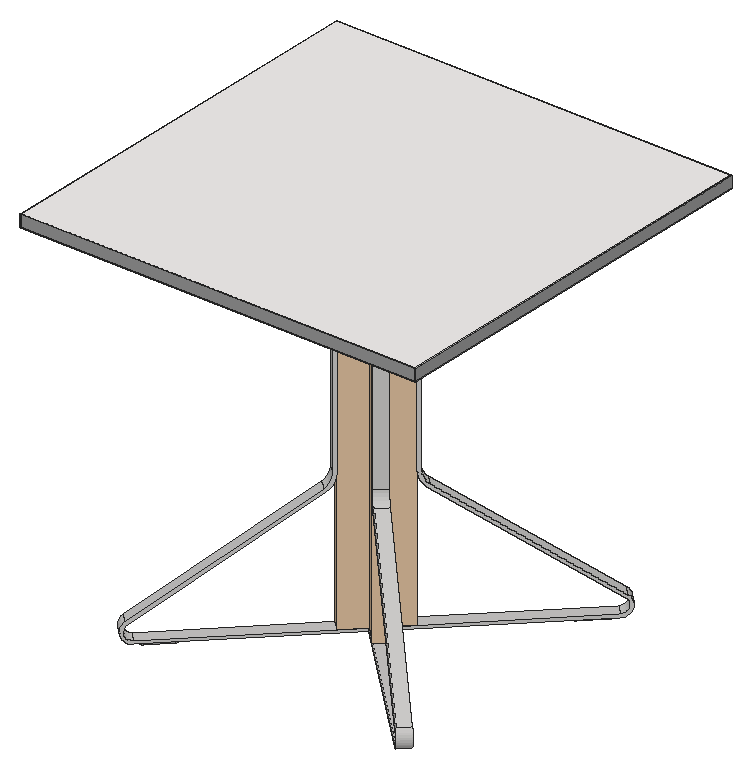
Revit family "Artek_Tables_Kaari Table square_Kaari Table square REB011", category Furniture, Revit 2017
Family settings
  OmniClass Number = 23.40.20.14.17.11
  OmniClass Title = Dining Room Tables
  Work Plane-Based = No
  Always vertical = Yes
  Cut with Voids When Loaded = No
  Shared = No
  Room Calculation Point = No
Parameters (values of type "Kaari Table square REB011")
  WarrantyStartDate [instance] = "n/a"
  WarrantyGuarantorParts = "n/a"
  WarrantyGuarantorLabor = "n/a"
  WarrantyDurationUnit = "Years"
  WarrantyDurationParts = "n/a"
  WarrantyDurationLabor = "n/a"
  WarrantyDescription = "n/a"
  VersionDate = "11/3/2020"  # constant formula
  Version = "1"  # constant formula
  Uniclass2015Reference = "Pr_40_50_21_22"
  Uniclass2015Description = "Dining tables"
  Uniclass2 = "Pr_40_50_21_21"
  URL = "https://www.artek.fi/en/products/kaari-table-square"
  Type Comments = ""
  TagNumber [instance] = "n/a"
  TableTopMaterial [instance] = HPL, high-gloss white
  SustainabilityPerformance = "n/a"
  Style = "n/a"
  Size = "750x740x750 mm"
  Shape = "Sculptured"
  SerialNumber [instance] = "n/a"
  Revision = "n/a"
  ReplacementCost = "n/a"
  ProductInformation = "n/a"
  Product data url = ""
  NominalLength = 750 mm
  NominalHeight = 740 mm
  NominalDepth = 750 mm
  Name = "Kaari Table square REB011"
  NBSReference = "45-35-86/327"
  NBSDescription = "Tables"
  ModelReference = "n/a"
  ModelNumber = "28305602"
  Material = "Wood/Steel"
  ManufacturerURL = "https://www.artek.fi/"
  ManufacturerName = "Artek"
  Model = "Kaari Table square REB011"
  Manufacturer = "Artek"
  MainColor = "Natural/black oak"
  LegsMaterial [instance] = Natural oak, with protective varnish
  InstallationDate [instance] = "n/a"
  IfcExportType = "TABLE"  # constant formula
  IfcExportAs = "IfcFurnishingElementType"  # constant formula
  Grade = "n/a"
  Finish = "n/a"
  Features = "n/a"
  ExpectedLife = "n/a"
  DurationUnit = "Years"
  Designer = "Ronan & Erwan Bouroullec"
  Description = ""
  Cost = 0
  ConvergoRefNr = "0190-2009-0033-FI"  # constant formula
  Constituents = "n/a"
  Color = "Natural/black oak"
  Collection = "Kaari Collection"
  CodePerformance = "n/a"
  Barcode [instance] = "n/a"
  AssetIdentifier [instance] = "n/a"
  Category = "Tables"
  Brand = "Artek"
  BIMObjectName = "Artek_Tables_Kaari Table square_Kaari Table square REB011"  # constant formula
  Author = "Convergo AB"  # constant formula
  AssetType = "Movable"
  AccessibilityPerformance = "n/a"
Reference planes
  plane 1 "Center (Front/Back)": y = 0
  plane 2: z = 0
  plane 3 "Center (Left/Right)": x = 0
  plane 4: x = -375
  plane 5: x = 375
  plane 6: y = 375
  plane 7: y = -375
  plane 8: z = 740
Dimensions and locks
  equal spacing: plane 4, plane 3 "Center (Left/Right)", plane 5
  "NominalLength": plane 4 to plane 5
  equal spacing: plane 7, plane 1 "Center (Front/Back)", plane 6
  "NominalDepth": plane 7 to plane 6
  "NominalHeight": plane 8 to plane 2
  aligned and locked: level to plane 2
Nested families
  nested 1: "kaari_table_75x75" at (0, 0, 0), Legs <- "LegsMaterial", Table <- "TableTopMaterial", type "kaari_table_75x75"
    with TableFrame ABS, Table HPL, high-gloss white, LegsFrame Flat rolled steel, Legs Natural oak, with protective varnish
Definition of nested family "kaari_table_75x75"
  Parameters (values of type "kaari_table_75x75")
    TableFrame [instance] = none
    Table [instance] = none
    LegsFrame [instance] = none
    Legs [instance] = none
  Reference planes
    plane 1 "Center (Front/Back)": y = 0
    plane 2: z = 0
    plane 3 "Center (Left/Right)": x = 0
  Forms (mm)
    Extrusion 1, solid, material <- "Table", detail levels medium+fine
      sketch origin (0, 0, 0) x (-0.707107, -0.707107, 0) y (0.707107, -0.707107, 0)
        loop
          line (0, 528.916) -> (-528.916, 0) -> (0, -528.916) -> (528.916, 0) -> (0, 528.916)
      from 716 to 740
    Extrusion 2, solid, material <- "LegsFrame", detail levels medium+fine
      sketch origin (0, -0.015, 0) x (0.707107, 0.707107, 0) y (0, 0, 1)
        loop
          arc (362.937, 4.5) -> (382.987, 19.201) -> (374.995, 42.744) r 21.023
          line (374.995, 42.744) -> (79.124, 249.916)
          arc (79.124, 249.916) -> (69.485, 260.906) -> (66.011, 275.106) r 30.752
          line (66.011, 275.106) -> (66.011, 715.999) -> (60.011, 715.999) -> (60.011, 274.696)
          arc (60.011, 274.696) -> (64.074, 258.089) -> (75.347, 245.236) r 35.964
          line (75.347, 245.236) -> (371.615, 37.787)
          arc (371.615, 37.787) -> (377.317, 20.989) -> (363.011, 10.5) r 15
          line (363.011, 10.5) -> (0.011, 10.5) -> (-362.99, 10.5)
          arc (-362.99, 10.5) -> (-377.295, 20.989) -> (-371.593, 37.787) r 15
          line (-371.593, 37.787) -> (-75.325, 245.236)
          arc (-75.325, 245.236) -> (-64.053, 258.089) -> (-59.989, 274.696) r 35.964
          line (-59.989, 274.696) -> (-59.989, 716) -> (-65.989, 716) -> (-65.989, 275.106)
          arc (-65.989, 275.106) -> (-69.464, 260.906) -> (-79.103, 249.916) r 30.752
          line (-79.103, 249.916) -> (-374.974, 42.744)
          arc (-374.974, 42.744) -> (-382.966, 19.201) -> (-362.916, 4.5) r 21.023
          line (-362.916, 4.5) -> (0.029, 4.5) -> (362.937, 4.5)
      from -12.511 to 12.489
    Extrusion 3, solid, material <- "TableFrame", detail levels medium+fine
      sketch origin (520.431, -520.446, 0) x (0.707107, -0.707107, 0) y (0.707107, 0.707107, 0)
        loop
          arc (-743, 299.011) -> (-741.536, 295.475) -> (-738, 294.011) r 5
          line (-738, 294.011) -> (-734, 294.011)
          arc (-734, 294.011) -> (-730.464, 295.475) -> (-729, 299.011) r 5
          line (-729, 299.011) -> (-729, 347.011)
          arc (-729, 347.011) -> (-730.464, 350.546) -> (-734, 352.011) r 5
          line (-734, 352.011) -> (-738, 352.011)
          arc (-738, 352.011) -> (-741.536, 350.546) -> (-743, 347.011) r 5
          line (-743, 347.011) -> (-743, 299.011)
        loop
          line (-743, -298.989) -> (-743, -346.989)
          arc (-743, -346.989) -> (-741.536, -350.525) -> (-738, -351.989) r 5
          line (-738, -351.989) -> (-734, -351.989)
          arc (-734, -351.989) -> (-730.464, -350.525) -> (-729, -346.989) r 5
          line (-729, -346.989) -> (-729, -298.989)
          arc (-729, -298.989) -> (-730.464, -295.454) -> (-734, -293.989) r 5
          line (-734, -293.989) -> (-738, -293.989)
          arc (-738, -293.989) -> (-741.536, -295.454) -> (-743, -298.989) r 5
      from 0 to 4.5
    Extrusion 4, solid, material <- "Legs", detail levels medium+fine
      sketch origin (0, 0, 0) x (-0.707107, -0.707107, 0) y (0.707107, -0.707107, 0)
        loop
          line (-12, 12) -> (-60, 12) -> (-60, -12) -> (-12, -12) -> (-12, -60) -> (12, -60) -> (12, -12) -> (60, -12) -> (60, 12) -> (12, 12) -> (12, 60) -> (-12, 60) -> (-12, 12)
      from 10.5 to 716
    Extrusion 5, void
      sketch origin (0, 0, 0) x (-0.707107, -0.707107, 0) y (0.707107, -0.707107, 0)
        loop
          line (-12, 12) -> (-12, -12) -> (12, -12) -> (12, 12) -> (-12, 12)
      from -231.552 to 716
    Extrusion 6, solid, material <- "LegsFrame", detail levels medium+fine
      sketch origin (-0.015, 0, 0) x (0.707107, -0.707107, 0) y (0, 0, 1)
        loop
          arc (362.937, 4.5) -> (382.987, 19.201) -> (374.995, 42.744) r 21.023
          line (374.995, 42.744) -> (79.124, 249.916)
          arc (79.124, 249.916) -> (69.485, 260.906) -> (66.011, 275.106) r 30.752
          line (66.011, 275.106) -> (66.011, 715.999) -> (60.011, 715.999) -> (60.011, 274.696)
          arc (60.011, 274.696) -> (64.074, 258.089) -> (75.347, 245.236) r 35.964
          line (75.347, 245.236) -> (371.615, 37.787)
          arc (371.615, 37.787) -> (377.317, 20.989) -> (363.011, 10.5) r 15
          line (363.011, 10.5) -> (0.011, 10.5) -> (-362.99, 10.5)
          arc (-362.99, 10.5) -> (-377.295, 20.989) -> (-371.593, 37.787) r 15
          line (-371.593, 37.787) -> (-75.325, 245.236)
          arc (-75.325, 245.236) -> (-64.053, 258.089) -> (-59.989, 274.696) r 35.964
          line (-59.989, 274.696) -> (-59.989, 716) -> (-65.989, 716) -> (-65.989, 275.106)
          arc (-65.989, 275.106) -> (-69.464, 260.906) -> (-79.103, 249.916) r 30.752
          line (-79.103, 249.916) -> (-374.974, 42.744)
          arc (-374.974, 42.744) -> (-382.966, 19.201) -> (-362.916, 4.5) r 21.023
          line (-362.916, 4.5) -> (0.029, 4.5) -> (362.937, 4.5)
      from -12.511 to 12.489
    Extrusion 7, solid, material <- "TableFrame", detail levels medium+fine
      sketch origin (-520.446, -520.431, 0) x (-0.707107, -0.707107, 0) y (0.707107, -0.707107, 0)
        loop
          arc (-743, 299.011) -> (-741.536, 295.475) -> (-738, 294.011) r 5
          line (-738, 294.011) -> (-734, 294.011)
          arc (-734, 294.011) -> (-730.464, 295.475) -> (-729, 299.011) r 5
          line (-729, 299.011) -> (-729, 347.011)
          arc (-729, 347.011) -> (-730.464, 350.546) -> (-734, 352.011) r 5
          line (-734, 352.011) -> (-738, 352.011)
          arc (-738, 352.011) -> (-741.536, 350.546) -> (-743, 347.011) r 5
          line (-743, 347.011) -> (-743, 299.011)
        loop
          line (-743, -298.989) -> (-743, -346.989)
          arc (-743, -346.989) -> (-741.536, -350.525) -> (-738, -351.989) r 5
          line (-738, -351.989) -> (-734, -351.989)
          arc (-734, -351.989) -> (-730.464, -350.525) -> (-729, -346.989) r 5
          line (-729, -346.989) -> (-729, -298.989)
          arc (-729, -298.989) -> (-730.464, -295.454) -> (-734, -293.989) r 5
          line (-734, -293.989) -> (-738, -293.989)
          arc (-738, -293.989) -> (-741.536, -295.454) -> (-743, -298.989) r 5
      from 0 to 4.5
    Extrusion 8, solid, material <- "TableFrame", detail levels medium+fine
      sketch origin (0, 0, 0) x (-0.707107, -0.707107, 0) y (0.707107, -0.707107, 0)
        loop
          line (0, 530.33) -> (-530.33, 0) -> (0, -530.33) -> (530.33, 0) -> (0, 530.33)
        loop
          line (528.916, 0) -> (0, 528.916) -> (-528.916, 0) -> (0, -528.916) -> (528.916, 0)
      from 716 to 740
    Sweep 9, void
      path in 3D
        loop
          line (-375, 375, 740) -> (-375, -375, 740) -> (375, -375, 740) -> (375, 375, 740) -> (-375, 375, 740)
      profile origin (0, 375, 740) x (0, -1, 0) y (0, 0, 1)
        loop
          line (0, 0) -> (0, -1) -> (1, 0) -> (0, 0)
    Sweep 10, void
      path in 3D
        loop
          line (375, 375, 716) -> (375, -375, 716) -> (-375, -375, 716) -> (-375, 375, 716) -> (375, 375, 716)
      profile origin (0, 375, 716) x (0, -1, 0) y (0, 0, -1)
        loop
          line (0, 0) -> (0, -1) -> (1, 0) -> (0, 0)
    Extrusion 11, solid, material <- "Table", detail levels coarse
      sketch origin (0, 0, 0) x (0, -1, 0) y (1, 0, 0)
        loop
          line (375, 375) -> (-375, 375) -> (-375, -375) -> (375, -375) -> (375, 375)
      from 0 to 740
  Cuts and joins
    Extrusion 5 cuts Extrusion 2
    Extrusion 5 cuts Extrusion 4
    Extrusion 5 cuts Extrusion 6
    Sweep 9, Sweep 10 cuts Extrusion 8
  Lines and regions (mm)
    symbolic lines, detail levels medium+fine
      curve 1: line (0, 0, 740) -> (0, 374, 740)
      curve 2: line (0, 374, 740) -> (0, 375, 739)
      curve 3: line (0, 375, 739) -> (0, 375, 717)
      curve 4: line (0, 375, 717) -> (0, 374, 716)
      curve 5: line (0, 374, 716) -> (0, 55.508, 716)
      curve 7: line (0, 0, 740) -> (-373.997, 0, 740)
      curve 8: line (-373.997, 0, 740) -> (-375, 0, 738.997)
      curve 9: line (-375, 0, 738.997) -> (-375, 0, 717.003)
      curve 10: line (-375, 0, 717.003) -> (-373.996, 0, 715.999)
      curve 11: line (-373.996, 0, 715.999) -> (-55.508, 0, 715.999)
      curve 14: line (0, 0, 740) -> (373.999, 0, 740)
      curve 15: line (373.999, 0, 740) -> (375, 0, 738.999)
      curve 16: line (375, 0, 738.999) -> (375, 0, 717.001)
      curve 17: line (375, 0, 717.001) -> (373.998, 0, 715.999)
      curve 18: line (373.998, 0, 715.999) -> (66, 0, 715.999)
      curve 31: line (375, -375, 0) -> (375, 375, 0)
      curve 32: line (-375, -375, 0) -> (375, -375, 0)
      curve 33: line (375, 375, 0) -> (-375, 375, 0)
      curve 34: line (-375, 375, 0) -> (-375, -375, 0)
      curve 37: line (-55.508, 0, 715.999) -> (-55.508, 0, 275.106)
      curve 38: spline (-64.78, 0, 249.916) -> (-63.397, 0, 251.406) -> (-62.102, 0, 253.047) -> (-60.904, 0, 254.83) -> (-59.811, 0, 256.742) -> (-58.829, 0, 258.772) -> (-57.965, 0, 260.906) -> (-57.224, 0, 263.131) -> (-56.612, 0, 265.433) -> (-56.131, 0, 267.797) -> (-55.786, 0, 270.207) -> (-55.577, 0, 272.649) -> (-55.508, 0, 275.106)
      curve 39: line (-273.993, 0, 42.744) -> (-64.78, 0, 249.916)
      curve 40: spline (-265.467, 0, 4.5) -> (-268.578, 0, 4.966) -> (-271.552, 0, 6.343) -> (-274.257, 0, 8.569) -> (-276.572, 0, 11.547) -> (-278.394, 0, 15.144) -> (-279.644, 0, 19.201) -> (-280.266, 0, 23.539) -> (-280.232, 0, 27.964) -> (-279.543, 0, 32.281) -> (-278.231, 0, 36.298) -> (-276.353, 0, 39.839) -> (-273.993, 0, 42.744)
      curve 41: line (-265.467, 0, 4.5) -> (-251.827, 0, 4.5)
      curve 42: line (-251.827, 0, 4.5) -> (-251.827, 0, 0)
      curve 43: line (-251.827, 0, 0) -> (-205.003, 0, 0)
      curve 44: line (-205.003, 0, 0) -> (-205.003, 0, 4.5)
      curve 45: line (-205.003, 0, 4.5) -> (0, 0, 4.5)
      curve 57: line (0, 0, 740) -> (373.997, 0, 740)
      curve 58: line (373.997, 0, 740) -> (375, 0, 738.997)
      curve 59: line (375, 0, 738.997) -> (375, 0, 717.003)
      curve 60: line (375, 0, 717.003) -> (373.996, 0, 715.999)
      curve 61: line (373.996, 0, 715.999) -> (55.508, 0, 715.999)
      curve 67: line (55.508, 0, 715.999) -> (55.508, 0, 275.106)
      curve 68: spline (64.78, 0, 249.916) -> (63.397, 0, 251.406) -> (62.102, 0, 253.047) -> (60.904, 0, 254.83) -> (59.811, 0, 256.742) -> (58.829, 0, 258.772) -> (57.965, 0, 260.906) -> (57.224, 0, 263.131) -> (56.612, 0, 265.433) -> (56.131, 0, 267.797) -> (55.786, 0, 270.207) -> (55.577, 0, 272.649) -> (55.508, 0, 275.106)
      curve 69: line (273.993, 0, 42.744) -> (64.78, 0, 249.916)
      curve 70: spline (265.467, 0, 4.5) -> (268.578, 0, 4.966) -> (271.552, 0, 6.343) -> (274.257, 0, 8.569) -> (276.572, 0, 11.547) -> (278.394, 0, 15.144) -> (279.644, 0, 19.201) -> (280.266, 0, 23.539) -> (280.232, 0, 27.964) -> (279.543, 0, 32.281) -> (278.231, 0, 36.298) -> (276.353, 0, 39.839) -> (273.993, 0, 42.744)
      curve 71: line (265.467, 0, 4.5) -> (251.827, 0, 4.5)
      curve 72: line (251.827, 0, 4.5) -> (251.827, 0, 0)
      curve 73: line (251.827, 0, 0) -> (205.003, 0, 0)
      curve 74: line (205.003, 0, 0) -> (205.003, 0, 4.5)
      curve 75: line (205.003, 0, 4.5) -> (0, 0, 4.5)
      curve 86: line (0, 55.508, 716) -> (0, 55.508, 275.106)
      curve 87: spline (0, 64.78, 249.916) -> (0, 63.397, 251.406) -> (0, 62.102, 253.047) -> (0, 60.904, 254.83) -> (0, 59.811, 256.742) -> (0, 58.829, 258.772) -> (0, 57.965, 260.906) -> (0, 57.224, 263.131) -> (0, 56.612, 265.433) -> (0, 56.131, 267.797) -> (0, 55.786, 270.207) -> (0, 55.577, 272.649) -> (0, 55.508, 275.106)
      curve 88: line (0, 273.993, 42.744) -> (0, 64.78, 249.916)
      curve 89: spline (0, 265.467, 4.5) -> (0, 268.578, 4.966) -> (0, 271.552, 6.343) -> (0, 274.257, 8.569) -> (0, 276.572, 11.547) -> (0, 278.394, 15.144) -> (0, 279.644, 19.201) -> (0, 280.266, 23.539) -> (0, 280.232, 27.964) -> (0, 279.543, 32.281) -> (0, 278.231, 36.298) -> (0, 276.353, 39.839) -> (0, 273.993, 42.744)
      curve 90: line (0, 0, 4.5) -> (0, 205.003, 4.5)
      curve 91: line (0, 251.838, 4.5) -> (0, 251.838, 0)
      curve 92: line (0, 251.838, 0) -> (0, 205.003, 0)
      curve 93: line (0, 205.003, 0) -> (0, 205.003, 4.5)
      curve 94: line (0, 251.838, 4.5) -> (0, 265.467, 4.5)
      curve 107: line (0, 0, 740) -> (0, -374, 740)
      curve 108: line (0, -374, 740) -> (0, -375, 739)
      curve 109: line (0, -375, 739) -> (0, -375, 717)
      curve 110: line (0, -375, 717) -> (0, -374, 716)
      curve 111: line (0, -374, 716) -> (0, -55.508, 716)
      curve 114: line (0, -55.508, 716) -> (0, -55.508, 275.106)
      curve 115: spline (0, -64.78, 249.916) -> (0, -63.397, 251.406) -> (0, -62.102, 253.047) -> (0, -60.904, 254.83) -> (0, -59.811, 256.742) -> (0, -58.829, 258.772) -> (0, -57.965, 260.906) -> (0, -57.224, 263.131) -> (0, -56.612, 265.433) -> (0, -56.131, 267.797) -> (0, -55.786, 270.207) -> (0, -55.577, 272.649) -> (0, -55.508, 275.106)
      curve 116: line (0, -273.993, 42.744) -> (0, -64.78, 249.916)
      curve 117: spline (0, -265.467, 4.5) -> (0, -268.578, 4.966) -> (0, -271.552, 6.343) -> (0, -274.257, 8.569) -> (0, -276.572, 11.547) -> (0, -278.394, 15.144) -> (0, -279.644, 19.201) -> (0, -280.266, 23.539) -> (0, -280.232, 27.964) -> (0, -279.543, 32.281) -> (0, -278.231, 36.298) -> (0, -276.353, 39.839) -> (0, -273.993, 42.744)
      curve 118: line (0, 0, 4.5) -> (0, -205.003, 4.5)
      curve 119: line (0, -251.838, 4.5) -> (0, -251.838, 0)
      curve 120: line (0, -251.838, 0) -> (0, -205.003, 0)
      curve 121: line (0, -205.003, 0) -> (0, -205.003, 4.5)
      curve 122: line (0, -251.838, 4.5) -> (0, -265.467, 4.5)
    symbolic lines, detail levels fine
      curve 6: line (0, 55.508, 716) -> (0, 0, 716)
      curve 12: line (-76.018, 0, 715.999) -> (0, 0, 715.999)
      curve 13: line (-39.588, 0, 715.999) -> (0, 0, 715.999)
      curve 19: line (76.018, 0, 715.999) -> (0, 0, 715.999)
      curve 20: line (66, 0, 715.999) -> (0, 0, 715.999)
      curve 21: line (-33.588, 0, 273.15) -> (-33.588, 0, 715.999)
      curve 22: line (-33.588, 0, 273.15) -> (-33.588, 0, 10.5)
      curve 35: line (0, 0, 740) -> (0, 0, 715.999)
      curve 36: line (0, 0, 740) -> (0, 0, 716)
      curve 46: line (-251.827, 0, 4.5) -> (-205.003, 0, 4.5)
      curve 47: line (-47.103, 0, 249.916) -> (-256.315, 0, 42.744)
      curve 48: spline (-37.83, 0, 275.106) -> (-37.9, 0, 272.649) -> (-38.108, 0, 270.207) -> (-38.453, 0, 267.797) -> (-38.934, 0, 265.433) -> (-39.546, 0, 263.131) -> (-40.287, 0, 260.906) -> (-41.151, 0, 258.772) -> (-42.133, 0, 256.742) -> (-43.226, 0, 254.83) -> (-44.424, 0, 253.047) -> (-45.719, 0, 251.406) -> (-47.103, 0, 249.916)
      curve 49: line (-37.83, 0, 715.999) -> (-37.83, 0, 275.106)
      curve 50: spline (-256.315, 0, 42.744) -> (-258.676, 0, 39.839) -> (-260.553, 0, 36.298) -> (-261.866, 0, 32.281) -> (-262.554, 0, 27.964) -> (-262.588, 0, 23.539) -> (-261.966, 0, 19.201) -> (-260.717, 0, 15.144) -> (-258.894, 0, 11.547) -> (-256.579, 0, 8.569) -> (-253.875, 0, 6.343) -> (-250.901, 0, 4.966) -> (-247.789, 0, 4.5)
      curve 51: spline (-247.841, 0, 10.5) -> (-250.061, 0, 10.832) -> (-252.183, 0, 11.815) -> (-254.113, 0, 13.403) -> (-255.765, 0, 15.528) -> (-257.065, 0, 18.095) -> (-257.957, 0, 20.989) -> (-258.4, 0, 24.084) -> (-258.376, 0, 27.241) -> (-257.885, 0, 30.322) -> (-256.949, 0, 33.188) -> (-255.609, 0, 35.714) -> (-253.925, 0, 37.787)
      curve 52: line (-253.925, 0, 37.787) -> (-44.432, 0, 245.236)
      curve 53: spline (-44.432, 0, 245.236) -> (-42.814, 0, 246.978) -> (-41.299, 0, 248.898) -> (-39.898, 0, 250.983) -> (-38.62, 0, 253.219) -> (-37.471, 0, 255.593) -> (-36.461, 0, 258.089) -> (-35.595, 0, 260.692) -> (-34.878, 0, 263.383) -> (-34.316, 0, 266.148) -> (-33.912, 0, 268.966) -> (-33.669, 0, 271.822) -> (-33.588, 0, 274.696)
      curve 54: line (0, 0, 10.5) -> (-247.841, 0, 10.5)
      curve 55: line (-50.912, 0, 10.5) -> (-50.912, 0, 238.819)
      curve 56: line (0, 0, 715.999) -> (0, 0, 4.5)
      curve 62: line (76.018, 0, 715.999) -> (0, 0, 715.999)
      curve 63: line (39.588, 0, 715.999) -> (0, 0, 715.999)
      curve 64: line (33.588, 0, 273.15) -> (33.588, 0, 715.999)
      curve 65: line (33.588, 0, 273.15) -> (33.588, 0, 10.5)
      curve 66: line (0, 0, 740) -> (0, 0, 715.999)
      curve 76: line (251.827, 0, 4.5) -> (205.003, 0, 4.5)
      curve 77: line (47.103, 0, 249.916) -> (256.315, 0, 42.744)
      curve 78: spline (37.83, 0, 275.106) -> (37.9, 0, 272.649) -> (38.108, 0, 270.207) -> (38.453, 0, 267.797) -> (38.934, 0, 265.433) -> (39.546, 0, 263.131) -> (40.287, 0, 260.906) -> (41.151, 0, 258.772) -> (42.133, 0, 256.742) -> (43.226, 0, 254.83) -> (44.424, 0, 253.047) -> (45.719, 0, 251.406) -> (47.103, 0, 249.916)
      curve 79: line (37.83, 0, 715.999) -> (37.83, 0, 275.106)
      curve 80: spline (256.315, 0, 42.744) -> (258.676, 0, 39.839) -> (260.553, 0, 36.298) -> (261.866, 0, 32.281) -> (262.554, 0, 27.964) -> (262.588, 0, 23.539) -> (261.966, 0, 19.201) -> (260.717, 0, 15.144) -> (258.894, 0, 11.547) -> (256.579, 0, 8.569) -> (253.875, 0, 6.343) -> (250.901, 0, 4.966) -> (247.789, 0, 4.5)
      curve 81: spline (247.841, 0, 10.5) -> (250.061, 0, 10.832) -> (252.183, 0, 11.815) -> (254.113, 0, 13.403) -> (255.765, 0, 15.528) -> (257.065, 0, 18.095) -> (257.957, 0, 20.989) -> (258.4, 0, 24.084) -> (258.376, 0, 27.241) -> (257.885, 0, 30.322) -> (256.949, 0, 33.188) -> (255.609, 0, 35.714) -> (253.925, 0, 37.787)
      curve 82: line (253.925, 0, 37.787) -> (44.432, 0, 245.236)
      curve 83: spline (44.432, 0, 245.236) -> (42.814, 0, 246.978) -> (41.299, 0, 248.898) -> (39.898, 0, 250.983) -> (38.62, 0, 253.219) -> (37.471, 0, 255.593) -> (36.461, 0, 258.089) -> (35.595, 0, 260.692) -> (34.878, 0, 263.383) -> (34.316, 0, 266.148) -> (33.912, 0, 268.966) -> (33.669, 0, 271.822) -> (33.588, 0, 274.696)
      curve 84: line (0, 0, 10.5) -> (247.841, 0, 10.5)
      curve 85: line (50.912, 0, 10.5) -> (50.912, 0, 238.819)
      curve 95: line (0, 205.003, 4.5) -> (0, 251.838, 4.5)
      curve 96: line (0, 47.103, 249.916) -> (0, 256.315, 42.744)
      curve 97: spline (0, 37.83, 275.106) -> (0, 37.9, 272.649) -> (0, 38.108, 270.207) -> (0, 38.453, 267.797) -> (0, 38.934, 265.433) -> (0, 39.546, 263.131) -> (0, 40.287, 260.906) -> (0, 41.151, 258.772) -> (0, 42.133, 256.742) -> (0, 43.226, 254.83) -> (0, 44.424, 253.047) -> (0, 45.719, 251.406) -> (0, 47.103, 249.916)
      curve 98: line (0, 37.83, 716) -> (0, 37.83, 275.106)
      curve 99: line (0, 253.925, 37.787) -> (0, 44.432, 245.236)
      curve 100: spline (0, 44.432, 245.236) -> (0, 42.814, 246.978) -> (0, 41.299, 248.898) -> (0, 39.898, 250.983) -> (0, 38.62, 253.219) -> (0, 37.471, 255.593) -> (0, 36.461, 258.089) -> (0, 35.595, 260.692) -> (0, 34.878, 263.383) -> (0, 34.316, 266.148) -> (0, 33.912, 268.966) -> (0, 33.669, 271.822) -> (0, 33.588, 274.696)
      curve 101: line (0, 37.83, 716) -> (0, 37.83, 275.106)
      curve 102: line (0, 33.941, 10.5) -> (0, 33.941, 716)
      curve 103: spline (0, 247.841, 10.5) -> (0, 250.061, 10.832) -> (0, 252.183, 11.815) -> (0, 254.113, 13.403) -> (0, 255.765, 15.528) -> (0, 257.065, 18.095) -> (0, 257.957, 20.989) -> (0, 258.4, 24.084) -> (0, 258.376, 27.241) -> (0, 257.885, 30.322) -> (0, 256.949, 33.188) -> (0, 255.609, 35.714) -> (0, 253.925, 37.787)
      curve 104: spline (0, 256.315, 42.744) -> (0, 258.676, 39.839) -> (0, 260.553, 36.298) -> (0, 261.866, 32.281) -> (0, 262.554, 27.964) -> (0, 262.588, 23.539) -> (0, 261.966, 19.201) -> (0, 260.717, 15.144) -> (0, 258.894, 11.547) -> (0, 256.579, 8.569) -> (0, 253.875, 6.343) -> (0, 250.901, 4.966) -> (0, 247.789, 4.5)
      curve 105: line (0, 247.841, 10.5) -> (0, 0, 10.5)
      curve 106: line (0, 50.912, 10.5) -> (0, 50.912, 238.819)
      curve 112: line (0, -55.508, 716) -> (0, 0, 716)
      curve 113: line (0, 0, 740) -> (0, 0, 716)
      curve 123: line (0, -205.003, 4.5) -> (0, -251.838, 4.5)
      curve 124: line (0, -47.103, 249.916) -> (0, -256.315, 42.744)
      curve 125: spline (0, -37.83, 275.106) -> (0, -37.9, 272.649) -> (0, -38.108, 270.207) -> (0, -38.453, 267.797) -> (0, -38.934, 265.433) -> (0, -39.546, 263.131) -> (0, -40.287, 260.906) -> (0, -41.151, 258.772) -> (0, -42.133, 256.742) -> (0, -43.226, 254.83) -> (0, -44.424, 253.047) -> (0, -45.719, 251.406) -> (0, -47.103, 249.916)
      curve 126: line (0, -37.83, 716) -> (0, -37.83, 275.106)
      curve 127: line (0, -253.925, 37.787) -> (0, -44.432, 245.236)
      curve 128: spline (0, -44.432, 245.236) -> (0, -42.814, 246.978) -> (0, -41.299, 248.898) -> (0, -39.898, 250.983) -> (0, -38.62, 253.219) -> (0, -37.471, 255.593) -> (0, -36.461, 258.089) -> (0, -35.595, 260.692) -> (0, -34.878, 263.383) -> (0, -34.316, 266.148) -> (0, -33.912, 268.966) -> (0, -33.669, 271.822) -> (0, -33.588, 274.696)
      curve 129: line (0, -37.83, 716) -> (0, -37.83, 275.106)
      curve 130: line (0, -33.941, 10.5) -> (0, -33.941, 716)
      curve 131: spline (0, -247.841, 10.5) -> (0, -250.061, 10.832) -> (0, -252.183, 11.815) -> (0, -254.113, 13.403) -> (0, -255.765, 15.528) -> (0, -257.065, 18.095) -> (0, -257.957, 20.989) -> (0, -258.4, 24.084) -> (0, -258.376, 27.241) -> (0, -257.885, 30.322) -> (0, -256.949, 33.188) -> (0, -255.609, 35.714) -> (0, -253.925, 37.787)
      curve 132: spline (0, -256.315, 42.744) -> (0, -258.676, 39.839) -> (0, -260.553, 36.298) -> (0, -261.866, 32.281) -> (0, -262.554, 27.964) -> (0, -262.588, 23.539) -> (0, -261.966, 19.201) -> (0, -260.717, 15.144) -> (0, -258.894, 11.547) -> (0, -256.579, 8.569) -> (0, -253.875, 6.343) -> (0, -250.901, 4.966) -> (0, -247.789, 4.5)
      curve 133: line (0, -247.841, 10.5) -> (0, 0, 10.5)
      curve 134: line (0, -50.912, 10.5) -> (0, -50.912, 238.819)
      curve 135: line (0, 0, 716) -> (0, 0, 4.5)
    sketch lines
      curve 23: line (375, 375, 740) -> (-375, 375, 740)
      curve 24: line (-375, 375, 740) -> (-375, -375, 740)
      curve 25: line (-375, -375, 740) -> (375, -375, 740)
      curve 26: line (375, -375, 740) -> (375, 375, 740)
      curve 27: line (-375, 375, 716) -> (375, 375, 716)
      curve 28: line (-375, -375, 716) -> (-375, 375, 716)
      curve 29: line (375, -375, 716) -> (-375, -375, 716)
      curve 30: line (375, 375, 716) -> (375, -375, 716)
  Dimensions and locks
    aligned and locked: level to plane 2
